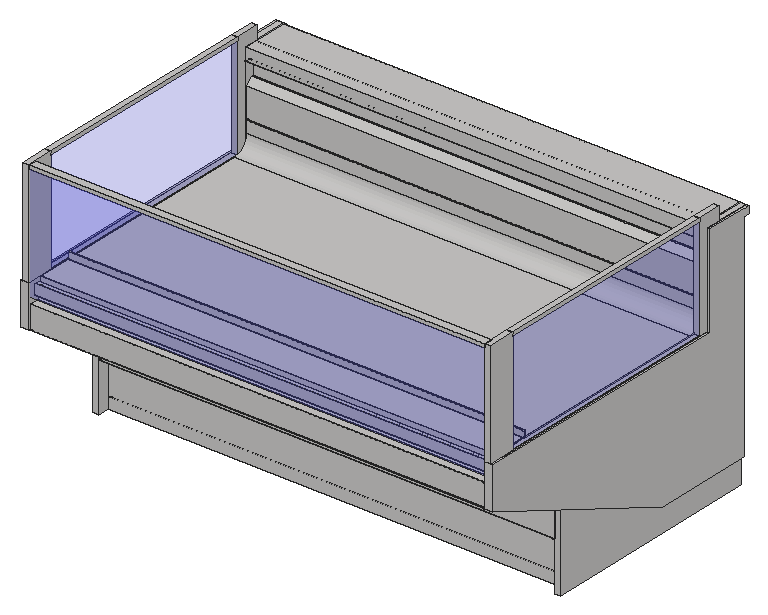
Revit family "QF_OSCARTEK_LA_CROSSE_SS_A1-1650_cat", category Specialty Equipment, Revit 2026
Family settings
  Round Connector Dimension = Use Diameter
  Part Type = Normal
  Work Plane-Based = No
  Enable Cutting in Views = No
  Always vertical = Yes
  Cut with Voids When Loaded = No
  Maintain Annotation Orientation = No
  Shared = No
  Room Calculation Point = No
Parameters
  Weight in Pounds = 528
  Watts = if(Phase = 3, Volts * FL Amps * 1.73, Volts * FL Amps)  # 2496 W
  Waste Water Discharge Temperature = -459.67 °F
  Volts = 208 V
  URL Cutsheet = ""
  Specification by User = ""
  Specification by Manufacturer = ""
  Show Panels [instance] = yes
  Serial Number = ""
  Seismic Rating = ""
  SMACNA No = ""
  Revision Code = ""
  Refrigerant Volume = 0.00 kip
  Refrigerant Type = "R404A"
  Phase = 1
  Number of Poles = 1
  NAFEM Spec ID Number = ""
  Model = "LA CROSSE SS A1-1650"
  Min Ckt Ampacity = 0 A
  Max Overcurrent Protection = 0 A
  Masterspec = ""
  Manufacturer = "OSCARTEK"
  Length = 67 5/16"
  Item Number = ""
  Installed By = ""
  Indirect Waste Size = 1/4"
  Indirect Waste Flow = 0 GPM
  Indirect Waste Connection Type = ""
  Indirect Waste Connection Height = 0"
  Identify Quantity as Lot = yes
  Height = 37 5/16"
  HP = ""
  Furnished By = ""
  Foodservice Equipment Identifier = yes
  FL Amps = 12 A
  Electrical Remarks = ""
  Electric Connection Type = ""
  Elec Conn RI Height = 0"
  Elec Conn Connection Height = 0"
  Description = "SELF SERVE SHOWCASE"
  Depth = 45 3/8"
  Default Elevation = 0"
  Cycle = 60 Hz
  Conn Plug = ""
  Conn Conduit = yes
  CSI MasterFormat = ""
  BTUH = 4600.0 Btu/h
  Apparent Power = if(Phase = 3, Volts * FL Amps * 1.73, Volts * FL Amps)  # 2496 VA
Reference planes (in)
  plane 1 "BACK": y = 0
  plane 2: z = 0
  plane 3 "LEFT": x = 0
  plane 4 "RIGHT": x = 67.3125
  plane 5 "FRONT": y = -45.375
  plane 6 "TOP": z = 37.3125
  plane 7 "Center Y": x = 33.65625
  plane 8 "Center X": y = -22.6875
  plane 9: x = 66.125
  plane 10: x = 1.1875
  plane 11: x = 0.375
  plane 12: x = 66.9375
Forms (in)
  Extrusion 1, solid, material "Glass", not visible
    sketch origin (46.25, 0, 0) x (0, -1, 0) y (0, 0, 1)
      loop
        line (16.37459, 33.625) -> (16.37459, 15.38219) -> (39.8125, 15.38219) -> (39.8125, 33.625) -> (16.37459, 33.625)
    from 0 to 2
  Extrusion 2, solid, material "QF_Metal - Stainless - Polished", not visible
    sketch origin (46.25, 0, 0) x (0, -1, 0) y (0, 0, 1)
      loop
        line (15.25, 14.38219) -> (40.8125, 14.38219) -> (40.8125, 34.625) -> (15.25, 34.625) -> (15.25, 14.38219)
      loop
        line (16.37459, 15.38219) -> (39.8125, 15.38219) -> (39.8125, 33.625) -> (16.37459, 33.625) -> (16.37459, 15.38219)
    from 0 to 2
  Extrusion 3, solid, material "QF_Metal - Stainless - Polished"
    sketch origin (1.1875, 0, -9.88605) x (0, 0, -1) y (0, 1, 0)
      loop
        line (-16.69706, -31.29915) -> (-9.88605, -31.29915) -> (-9.88605, -30.8809) -> (-16.69706, -30.8809) -> (-16.69706, -31.29915)
    from 0 to 64.9375
  Extrusion 4, solid, material "QF_Metal - Stainless - Polished"
    sketch origin (1.1875, 0, -9.88605) x (0, 0, -1) y (0, 1, 0)
      loop
        line (-17.21724, -32.31102) -> (-17.21724, -32.37352) -> (-16.88605, -32.37352) -> (-16.88605, -32.83907) -> (-21.02955, -32.83907) -> (-24.59506, -41.40464) -> (-25.02486, -41.22573) -> (-24.89758, -40.91997) -> (-24.95528, -40.89595) -> (-25.09296, -41.22671)
        arc (-25.09296, -41.22671) -> (-25.09301, -41.25382) -> (-25.07386, -41.27303) r 0.03543
        line (-25.07386, -41.27303) -> (-24.59408, -41.47275)
        arc (-24.59408, -41.47275) -> (-24.56697, -41.47279) -> (-24.54776, -41.45365) r 0.03543
        line (-24.54776, -41.45365) -> (-20.98787, -32.90157) -> (-16.85898, -32.90157)
        arc (-16.85898, -32.90157) -> (-16.83392, -32.8912) -> (-16.82355, -32.86614) r 0.03543
        line (-16.82355, -32.86614) -> (-16.82355, -32.34646)
        arc (-16.82355, -32.34646) -> (-16.83392, -32.3214) -> (-16.85898, -32.31102) r 0.03543
        line (-16.85898, -32.31102) -> (-17.21724, -32.31102)
    from 0 to 64.9375
  Extrusion 5, solid, material "QF_Metal - Stainless - Polished"
    sketch origin (1.1875, 0, -9.88605) x (0, 0, -1) y (0, 1, 0)
      loop
        line (-25.19813, -41.26395) -> (-24.74423, -40.17355) -> (-24.80194, -40.14953) -> (-25.27984, -41.29764) -> (-24.65822, -41.55639) -> (-26.13116, -45.09489) -> (-29.33047, -45.09489) -> (-29.33047, -43.83444) -> (-30.31472, -43.26619) -> (-30.31472, -41.91281) -> (-29.78667, -41.91281) -> (-29.78667, -41.85031) -> (-30.34179, -41.85031)
        arc (-30.34179, -41.85031) -> (-30.36685, -41.86069) -> (-30.37722, -41.88574) r 0.03543
        line (-30.37722, -41.88574) -> (-30.37722, -43.28182)
        arc (-30.37722, -43.28182) -> (-30.37248, -43.29953) -> (-30.35951, -43.3125) r 0.03543
        line (-30.35951, -43.3125) -> (-29.39297, -43.87053) -> (-29.39297, -45.12196)
        arc (-29.39297, -45.12196) -> (-29.3826, -45.14701) -> (-29.35754, -45.15739) r 0.03543
        line (-29.35754, -45.15739) -> (-26.1131, -45.15739)
        arc (-26.1131, -45.15739) -> (-26.09344, -45.15143) -> (-26.08039, -45.13557) r 0.03543
        line (-26.08039, -45.13557) -> (-24.59012, -41.55542)
        arc (-24.59012, -41.55542) -> (-24.59007, -41.5283) -> (-24.60922, -41.50909) r 0.03543
        line (-24.60922, -41.50909) -> (-25.19813, -41.26395)
    from 0 to 64.9375
  Extrusion 6, solid, material "QF_Metal - Stainless - Polished"
    sketch origin (1.1875, 0, -9.88605) x (0, 0, -1) y (0, 1, 0)
      loop
        line (-32.11163, -43.28408) -> (-31.71762, -43.28408) -> (-31.71762, -41.45661) -> (-25.40391, -41.45661) -> (-20.94947, -30.9626) -> (-25.19032, -0.7874) -> (-44.2959, -0.7874) -> (-44.2959, -0.57205) -> (-45.0833, -0.57205) -> (-45.28015, -0.7689) -> (-45.28015, -5.02086) -> (-44.84708, -5.02086) -> (-44.84708, -5.45392) -> (-45.28015, -5.45392) -> (-45.28015, -6.63503) -> (-45.0833, -6.83188) -> (-44.2959, -6.83188) -> (-44.2959, -2.28346) -> (-43.45067, -2.28346) -> (-43.45067, -3.1496) -> (-27.24356, -3.1496) -> (-24.31963, -23.95445) -> (-24.3928, -23.96473) -> (-24.3928, -24.75213) -> (-24.32686, -24.76257) -> (-26.65916, -39.48811) -> (-31.71762, -39.48811) -> (-31.71762, -39.54756) -> (-32.11163, -39.54756) -> (-32.11163, -43.28408)
    from 0 to 64.9375
  Extrusion 7, solid, material "QF_Metal - Stainless - Polished"
    sketch origin (1.1875, 0, -9.88605) x (0, 0, -1) y (0, 1, 0)
      loop
        line (-44.24201, -6.28542) -> (-43.56484, -6.28542)
        arc (-43.56484, -6.28542) -> (-43.53979, -6.27504) -> (-43.52941, -6.24999) r 0.03543
        line (-43.52941, -6.24999) -> (-43.52941, -5.61219)
        arc (-43.52941, -5.61219) -> (-43.53979, -5.58714) -> (-43.56484, -5.57676) r 0.03543
        line (-43.56484, -5.57676) -> (-43.92311, -5.57676) -> (-43.92311, -4.76967) -> (-43.56484, -4.76967)
        arc (-43.56484, -4.76967) -> (-43.53979, -4.7593) -> (-43.52941, -4.73424) r 0.03543
        line (-43.52941, -4.73424) -> (-43.52941, -2.38385)
        arc (-43.52941, -2.38385) -> (-43.53979, -2.3588) -> (-43.56484, -2.34842) r 0.03543
        line (-43.56484, -2.34842) -> (-44.242, -2.34842)
        arc (-44.242, -2.34842) -> (-44.26706, -2.3588) -> (-44.27744, -2.38385) r 0.03543
        line (-44.27744, -2.38385) -> (-44.27744, -6.24999)
        arc (-44.27744, -6.24999) -> (-44.26706, -6.27504) -> (-44.24201, -6.28542) r 0.03543
    from 0 to 45.2691
  Extrusion 8, solid, material "QF_Metal - Stainless - Polished"
    sketch origin (1.1875, 0, -9.88605) x (0, 0, -1) y (0, 1, 0)
      loop
        line (-44.19747, -0.66929) -> (-44.19747, -0.03937)
        arc (-44.19747, -0.03937) -> (-44.209, -0.01153) -> (-44.23684, 0) r 0.03937
        line (-44.23684, 0) -> (-45.28015, 0)
        arc (-45.28015, 0) -> (-45.30799, -0.01153) -> (-45.31952, -0.03937) r 0.03937
        line (-45.31952, -0.03937) -> (-45.31952, -6.83563)
        arc (-45.31952, -6.83563) -> (-45.30799, -6.86347) -> (-45.28015, -6.875) r 0.03937
        line (-45.28015, -6.875) -> (-43.54787, -6.875)
        arc (-43.54787, -6.875) -> (-43.52003, -6.86347) -> (-43.5085, -6.83563) r 0.03937
        line (-43.5085, -6.83563) -> (-43.5085, -6.36319)
        arc (-43.5085, -6.36319) -> (-43.52003, -6.33535) -> (-43.54787, -6.32382) r 0.03937
        line (-43.54787, -6.32382) -> (-43.82346, -6.32382) -> (-43.82346, -6.35532) -> (-43.53999, -6.35532) -> (-43.53999, -6.8435) -> (-45.28802, -6.8435) -> (-45.28802, -0.03149) -> (-44.22897, -0.03149) -> (-44.22897, -0.66929) -> (-44.19747, -0.66929)
    from 0 to 64.9375
  Extrusion 9, solid, material "QF_Metal - Stainless - Polished"
    sketch origin (1.1875, 0, -9.88605) x (0, 0, -1) y (0, 1, 0)
      loop
        line (-20.99826, -30.61547) -> (-20.84231, -30.59355) -> (-20.79847, -30.90545) -> (-11.97266, -30.90545) -> (-11.97266, -29.72435) -> (-20.96447, -29.72435) -> (-21.14367, -28.44928) -> (-21.29961, -28.47119) -> (-20.99826, -30.61547)
    from 0 to 64.9375
  Extrusion 10, solid, material "QF_Metal - Stainless - Polished"
    sketch origin (1.1875, 0, -9.88605) x (0, 0, -1) y (0, 1, 0)
      loop
        arc (-11.30336, -30.90545) -> (-11.21985, -30.87085) -> (-11.18525, -30.78734) r 0.11811
        line (-11.18525, -30.78734) -> (-11.18525, -29.44876)
        arc (-11.18525, -29.44876) -> (-11.21985, -29.36524) -> (-11.30336, -29.33065) r 0.11811
        line (-11.30336, -29.33065) -> (-11.85455, -29.33065)
        arc (-11.85455, -29.33065) -> (-11.93806, -29.36524) -> (-11.97266, -29.44876) r 0.11811
        line (-11.97266, -29.44876) -> (-11.97266, -30.78734)
        arc (-11.97266, -30.78734) -> (-11.93806, -30.87085) -> (-11.85455, -30.90545) r 0.11811
        line (-11.85455, -30.90545) -> (-11.30336, -30.90545)
      loop
        line (-11.85455, -30.82671) -> (-11.30336, -30.82671)
        arc (-11.30336, -30.82671) -> (-11.27553, -30.81518) -> (-11.26399, -30.78734) r 0.03937
        line (-11.26399, -30.78734) -> (-11.26399, -29.44876)
        arc (-11.26399, -29.44876) -> (-11.27553, -29.42092) -> (-11.30336, -29.40939) r 0.03937
        line (-11.30336, -29.40939) -> (-11.85455, -29.40939)
        arc (-11.85455, -29.40939) -> (-11.88238, -29.42092) -> (-11.89392, -29.44876) r 0.03937
        line (-11.89392, -29.44876) -> (-11.89392, -30.78734)
        arc (-11.89392, -30.78734) -> (-11.88238, -30.81518) -> (-11.85455, -30.82671) r 0.03937
    from 0 to 64.9375
  Extrusion 11, solid, material "QF_Metal - Stainless - Polished"
    sketch origin (1.1875, 0, -9.88605) x (0, 0, -1) y (0, 1, 0)
      loop
        line (-11.97266, -2.87401) -> (-11.97266, -4.21259)
        arc (-11.97266, -4.21259) -> (-11.93806, -4.29611) -> (-11.85455, -4.3307) r 0.11811
        line (-11.85455, -4.3307) -> (-11.30336, -4.3307)
        arc (-11.30336, -4.3307) -> (-11.21985, -4.29611) -> (-11.18525, -4.21259) r 0.11811
        line (-11.18525, -4.21259) -> (-11.18525, -2.87401)
        arc (-11.18525, -2.87401) -> (-11.21985, -2.79049) -> (-11.30336, -2.7559) r 0.11811
        line (-11.30336, -2.7559) -> (-11.85455, -2.7559)
        arc (-11.85455, -2.7559) -> (-11.93806, -2.79049) -> (-11.97266, -2.87401) r 0.11811
      loop
        arc (-11.85455, -2.83464) -> (-11.88238, -2.84617) -> (-11.89392, -2.87401) r 0.03937
        line (-11.89392, -2.87401) -> (-11.89392, -4.21259)
        arc (-11.89392, -4.21259) -> (-11.88238, -4.24043) -> (-11.85455, -4.25196) r 0.03937
        line (-11.85455, -4.25196) -> (-11.30336, -4.25196)
        arc (-11.30336, -4.25196) -> (-11.27553, -4.24043) -> (-11.26399, -4.21259) r 0.03937
        line (-11.26399, -4.21259) -> (-11.26399, -2.87401)
        arc (-11.26399, -2.87401) -> (-11.27553, -2.84617) -> (-11.30336, -2.83464) r 0.03937
        line (-11.30336, -2.83464) -> (-11.85455, -2.83464)
    from 0 to 64.9375
  Extrusion 12, solid, material "QF_Metal - Stainless - Polished"
    sketch origin (1.1875, 0, -9.88605) x (0, 0, -1) y (0, 1, 0)
      loop
        line (-11.18525, -29.33065) -> (-11.18525, -4.3307) -> (-11.97266, -4.3307) -> (-11.97266, -29.33065) -> (-11.18525, -29.33065)
    from 0 to 64.9375
  Extrusion 13, solid, material "QF_Metal - Stainless - Polished"
    sketch origin (1.1875, 0, -9.88605) x (0, 0, -1) y (0, 1, 0)
      loop
        arc (-15.51532, -2.7244) -> (-15.54316, -2.73594) -> (-15.55469, -2.76377) r 0.03937
        arc (-15.55469, -2.76377) -> (-15.56622, -2.73593) -> (-15.59406, -2.7244) r 0.03937
        line (-15.59406, -2.7244) -> (-24.79442, -2.7244)
        arc (-24.79442, -2.7244) -> (-24.82413, -2.73794) -> (-24.83341, -2.76925) r 0.03937
        line (-24.83341, -2.76925) -> (-24.76148, -3.28106)
        arc (-24.76148, -3.28106) -> (-24.74832, -3.3053) -> (-24.72249, -3.31495) r 0.03937
        line (-24.72249, -3.31495) -> (-24.48112, -3.31495) -> (-24.48112, -3.28346) -> (-24.72933, -3.28346) -> (-24.80348, -2.7559) -> (-15.58618, -2.7559) -> (-15.58618, -2.99999) -> (-15.52319, -2.99999) -> (-15.52319, -2.7559) -> (-11.30273, -2.7559) -> (-11.30273, -2.7244) -> (-15.51532, -2.7244)
    from 0 to 64.9375
  Revolve 14, solid, material "QF_Metal - Stainless - Polished"
    sketch origin (2.35236, 0, 0) x (0, 1, 0) y (0, 0, 1)
      loop
        line (-4.2509, 0) -> (-3.5433, 0) -> (-3.5433, 1.9685) -> (-3.70078, 1.9685) -> (-3.74015, 1.92913) -> (-3.74015, 1.88994) -> (-3.77952, 1.85057) -> (-3.77952, 1.46006)
        spline (-3.77952, 1.46006) -> (-3.7976, 1.45866) -> (-3.81444, 1.45456) -> (-3.8289, 1.44803) -> (-3.84, 1.43953) -> (-3.84698, 1.42963) -> (-3.84936, 1.419) -> (-3.84698, 1.40838) -> (-3.84, 1.39848) -> (-3.8289, 1.38997) -> (-3.81444, 1.38345) -> (-3.7976, 1.37935) -> (-3.77952, 1.37795)
        line (-3.77952, 1.37795) -> (-3.81889, 1.37795) -> (-3.81889, 1.26771) -> (-3.74015, 1.26771) -> (-3.74015, 0.39417) -> (-3.91731, 0.39417) -> (-3.91731, 0.22651) -> (-4.46974, 0.22651) -> (-4.51771, 0.11858) -> (-4.2509, 0)
      axis (-3.5433, 0) -> (-3.5433, 1.9685)
    angle from 0 to 360
  Revolve 15, solid, material "QF_Metal - Stainless - Polished"
    sketch origin (64.94104, 0, 0) x (0, 1, 0) y (0, 0, -1)
      loop
        line (-4.2509, 0) -> (-4.51771, -0.11858) -> (-4.46974, -0.22651) -> (-3.91731, -0.22651) -> (-3.91731, -0.39417) -> (-3.74015, -0.39417) -> (-3.74015, -1.26771) -> (-3.81889, -1.26771) -> (-3.81889, -1.37795) -> (-3.77952, -1.37795)
        spline (-3.77952, -1.37795) -> (-3.7976, -1.37935) -> (-3.81444, -1.38345) -> (-3.8289, -1.38997) -> (-3.84, -1.39848) -> (-3.84698, -1.40838) -> (-3.84936, -1.419) -> (-3.84698, -1.42963) -> (-3.84, -1.43953) -> (-3.8289, -1.44803) -> (-3.81444, -1.45456) -> (-3.7976, -1.45866) -> (-3.77952, -1.46006)
        line (-3.77952, -1.46006) -> (-3.77952, -1.85057) -> (-3.74015, -1.88994) -> (-3.74015, -1.92913) -> (-3.70078, -1.9685) -> (-3.5433, -1.9685) -> (-3.5433, 0) -> (-4.2509, 0)
      axis (-3.5433, 0) -> (-3.5433, -1.9685)
    angle from 0 to 360
  Revolve 16, solid, material "QF_Metal - Stainless - Polished"
    sketch origin (2.35236, -26.57475, 0) x (0, 1, 0) y (0, 0, 1)
      loop
        line (-4.2509, 0) -> (-3.5433, 0) -> (-3.5433, 1.9685) -> (-3.70078, 1.9685) -> (-3.74015, 1.92913) -> (-3.74015, 1.88994) -> (-3.77952, 1.85057) -> (-3.77952, 1.46006)
        spline (-3.77952, 1.46006) -> (-3.7976, 1.45866) -> (-3.81444, 1.45456) -> (-3.8289, 1.44803) -> (-3.84, 1.43953) -> (-3.84698, 1.42963) -> (-3.84936, 1.419) -> (-3.84698, 1.40838) -> (-3.84, 1.39848) -> (-3.8289, 1.38997) -> (-3.81444, 1.38345) -> (-3.7976, 1.37935) -> (-3.77952, 1.37795)
        line (-3.77952, 1.37795) -> (-3.81889, 1.37795) -> (-3.81889, 1.26771) -> (-3.74015, 1.26771) -> (-3.74015, 0.39417) -> (-3.91731, 0.39417) -> (-3.91731, 0.22651) -> (-4.46974, 0.22651) -> (-4.51771, 0.11858) -> (-4.2509, 0)
      axis (-3.5433, 0) -> (-3.5433, 1.9685)
    angle from 0 to 360
  Revolve 17, solid, material "QF_Metal - Stainless - Polished"
    sketch origin (64.94104, -26.57475, 0) x (0, 1, 0) y (0, 0, -1)
      loop
        line (-4.2509, 0) -> (-4.51771, -0.11858) -> (-4.46974, -0.22651) -> (-3.91731, -0.22651) -> (-3.91731, -0.39417) -> (-3.74015, -0.39417) -> (-3.74015, -1.26771) -> (-3.81889, -1.26771) -> (-3.81889, -1.37795) -> (-3.77952, -1.37795)
        spline (-3.77952, -1.37795) -> (-3.7976, -1.37935) -> (-3.81444, -1.38345) -> (-3.8289, -1.38997) -> (-3.84, -1.39848) -> (-3.84698, -1.40838) -> (-3.84936, -1.419) -> (-3.84698, -1.42963) -> (-3.84, -1.43953) -> (-3.8289, -1.44803) -> (-3.81444, -1.45456) -> (-3.7976, -1.45866) -> (-3.77952, -1.46006)
        line (-3.77952, -1.46006) -> (-3.77952, -1.85057) -> (-3.74015, -1.88994) -> (-3.74015, -1.92913) -> (-3.70078, -1.9685) -> (-3.5433, -1.9685) -> (-3.5433, 0) -> (-4.2509, 0)
      axis (-3.5433, 0) -> (-3.5433, -1.9685)
    angle from 0 to 360
  Extrusion 18, solid, material "QF_Metal - Stainless - Polished"
    sketch origin (1.1875, 0, -9.88605) x (0, 0, -1) y (0, 1, 0)
      loop
        line (-24.75464, -2.7559) -> (-24.7108, -3.06779) -> (-24.86675, -3.08971) -> (-24.56539, -5.23399) -> (-24.40944, -5.21207) -> (-24.58864, -3.937) -> (-11.97266, -3.937) -> (-11.97266, -2.7559) -> (-24.75464, -2.7559)
    from 0 to 64.9375
  Sweep 19, solid, material "QF_Metal - Stainless - Polished"
    path origin (0, 0, 0) x (1, 0, 0) y (0, 1, 0)
      loop
        line (66.125, -43.28408) -> (1.1875, -43.28408)
    profile origin (33.65625, -43.28408, 0) x (0, -1, 0) y (0, 0, 1)
      loop
        line (-1.78771, 20.50087) -> (0.00363, 20.50087)
        arc (0.00363, 20.50087) -> (0.02868, 20.51125) -> (0.03906, 20.5363) r 0.03543
        line (0.03906, 20.5363) -> (0.03906, 22.22921)
        arc (0.03906, 22.22921) -> (0.02868, 22.25427) -> (0.00363, 22.26464) r 0.03543
        line (0.00363, 22.26464) -> (-4.8625, 22.26464)
        arc (-4.8625, 22.26464) -> (-4.88756, 22.25427) -> (-4.89794, 22.22921) r 0.03543
        line (-4.89794, 22.22921) -> (-4.89794, 21.17404) -> (-5.45305, 21.17404)
        arc (-5.45305, 21.17404) -> (-5.47811, 21.16366) -> (-5.48849, 21.13861) r 0.03543
        line (-5.48849, 21.13861) -> (-5.48849, 20.17247)
        arc (-5.48849, 20.17247) -> (-5.47077, 20.14178) -> (-5.43534, 20.14178) r 0.03543
        line (-5.43534, 20.14178) -> (-5.19667, 20.27958) -> (-5.2162, 20.31341) -> (-5.44942, 20.17875) -> (-5.44942, 21.13498) -> (-4.85887, 21.13498) -> (-4.85887, 22.22558) -> (0, 22.22558) -> (0, 20.53993) -> (-1.82747, 20.53993) -> (-1.82747, 19.91032) -> (-1.78771, 19.91032) -> (-1.78771, 20.50087)
  Extrusion 20, solid, material "QF_Metal - Stainless - Polished"
    sketch origin (6.08544, -38.38614, 21.17404) x (0, 1, 0) y (0, 0, 1)
      loop
        line (0.16533, 1.10236) -> (0.16533, 1.9685)
        arc (0.16533, 1.9685) -> (0.12202, 2.01181) -> (0.07871, 1.9685) r 0.04331
        line (0.07871, 1.9685) -> (0.07871, 0.08661)
        arc (0.07871, 0.08661) -> (0.09255, 0.05321) -> (0.12596, 0.03937) r 0.04724
        line (0.12596, 0.03937) -> (0.55903, 0.03937) -> (0.55903, 0.0784) -> (0.95666, 0.0784)
        arc (0.95666, 0.0784) -> (2.33677, -0.32975) -> (3.27388, -1.42204) r 2.54132
        line (3.27388, -1.42204) -> (3.98638, -5.08751) -> (4.05208, -5.07474)
        arc (4.05208, -5.07474) -> (4.1218, -5.0954) -> (4.14487, -5.16435) r 0.07874
        line (4.14487, -5.16435) -> (4.13443, -5.23029) -> (13.62357, -6.73322) -> (13.63401, -6.66729) -> (14.42141, -6.66729) -> (14.4317, -6.74045) -> (30.06925, -4.54274) -> (30.05993, -4.47646)
        arc (30.05993, -4.47646) -> (30.08573, -4.40653) -> (30.15829, -4.38944) r 0.07874
        line (30.15829, -4.38944) -> (30.22294, -4.40677) -> (31.64243, 0.89087) -> (31.57778, 0.90819)
        arc (31.57778, 0.90819) -> (31.5357, 0.93632) -> (31.51942, 0.98425) r 0.07874
        line (31.51942, 0.98425) -> (31.51942, 1.06299) -> (29.54322, 1.06299) -> (29.54322, 1.10236) -> (0.16533, 1.10236)
    from -4.89794 to 60.03956
  Extrusion 21, solid, material "QF_Metal - Stainless - Polished"
    sketch origin (3.05902, -41.39755, 37.0625) x (0, 0, -1) y (0, -1, 0)
      loop
        arc (5.78147, -35.81095) -> (5.79185, -35.83601) -> (5.8169, -35.84639) r 0.03543
        line (5.8169, -35.84639) -> (3.22229, -35.84639) -> (3.22229, -36.63379) -> (10.27188, -36.63379) -> (10.27188, -35.21528) -> (10.86243, -35.21528) -> (10.86243, -34.70072)
        arc (10.86243, -34.70072) -> (10.85205, -34.67566) -> (10.827, -34.66528) r 0.03543
        line (10.827, -34.66528) -> (6.68698, -34.66528) -> (5.78147, -35.57079) -> (5.78147, -35.81095)
      loop
        line (12.65225, -34.68848) -> (10.96721, -34.68848)
        arc (10.96721, -34.68848) -> (10.9338, -34.70232) -> (10.91997, -34.73573) r 0.04724
        line (10.91997, -34.73573) -> (10.91997, -35.27903) -> (10.52627, -35.27903) -> (10.52627, -35.3184) -> (10.91209, -35.3184)
        arc (10.91209, -35.3184) -> (10.9455, -35.30456) -> (10.95934, -35.27116) r 0.04724
        line (10.95934, -35.27116) -> (10.95934, -34.72785) -> (12.65225, -34.72785)
        arc (12.65225, -34.72785) -> (14.18895, -34.09133) -> (14.82547, -32.55463) r 2.17322
        line (14.82547, -32.55463) -> (14.7861, -32.55463)
        arc (14.7861, -32.55463) -> (14.16111, -34.06349) -> (12.65225, -34.68848) r 2.13385
    from 1.87152 to -63.06598
  Extrusion 22, solid, material "QF_Metal - Stainless - Polished"
    sketch origin (47.03125, 0, 0) x (0, 1, 0) y (0, 0, -1)
      loop
        line (-8.23817, -37.3125) -> (-4.73817, -37.3125) -> (-4.73817, -35.43347) -> (-6.90274, -35.43347) -> (-6.90274, -22.26464) -> (-8.23817, -22.26464) -> (-8.23817, -37.3125)
    from -19.90625 to -19.09375
  Extrusion 23, solid, material "QF_Metal - Stainless - Polished"
    sketch origin (66.71875, 0, 0) x (0, 1, 0) y (0, 0, -1)
      loop
        line (-45.375, -22.26464) -> (-45.375, -37.3125) -> (-41.39755, -37.3125) -> (-41.39755, -22.26464) -> (-45.375, -22.26464)
    from -0.21875 to 0.59375
  Extrusion 24, solid, material "QF_Metal - Stainless - Polished"
    sketch origin (1.1875, 0, 0) x (0, 1, 0) y (0, 0, 1)
      loop
        line (-45.375, 37.3125) -> (-45.375, 36.8125) -> (-44.2066, 36.8125) -> (-44.2066, 37.3125) -> (-45.375, 37.3125)
    from 0 to 64.9375
  Extrusion 25, solid, material "QF_Metal - Stainless - Polished"
    sketch origin (47.03125, -8.23817, 36.8125) x (0, 0, 1) y (-1, 0, 0)
      loop
        line (0.5, -19.90625) -> (0.5, -19.09375) -> (0, -19.09375) -> (0, -19.90625) -> (0.5, -19.90625)
    from 0 to 33.15938
  Extrusion 26, solid, material "Glass"
    sketch origin (1.1875, 0, 0) x (0, 1, 0) y (0, 0, 1)
      loop
        line (-45.17731, 36.8125) -> (-45.17731, 20.24077) -> (-44.38967, 20.24077) -> (-44.38967, 36.8125) -> (-45.17731, 36.8125)
    from 0 to 64.9375
  Extrusion 27, solid, material "QF_Metal - Stainless - Polished"
    sketch origin (1.1875, -2.7244, 5.62927) x (0, 0, -1) y (-1, 0, 0)
      loop
        arc (2.62251, -7.46066) -> (2.1107, -7.12941) -> (1.59889, -7.46066) r 0.56102
        line (1.59889, -7.46066) -> (1.59889, -7.92021)
        arc (1.59889, -7.92021) -> (2.1107, -8.25146) -> (2.62251, -7.92021) r 0.56102
        line (2.62251, -7.92021) -> (2.62251, -7.46066)
    from 0 to 0.25
  Extrusion 28, solid, material "QF_Metal - Stainless - Polished"
    sketch origin (1.1875, -2.7244, 5.62927) x (0, 0, -1) y (-1, 0, 0)
      loop
        circle (-8.06963, -15.73176) r 0.19685
      loop
        circle (-8.06963, -14.96404) r 0.19685
      loop
        circle (-1.19197, -15.73176) r 0.19685
      loop
        circle (-1.19197, -14.96404) r 0.19685
      loop
        circle (2.16582, -15.3479) r 0.19685
      loop
        circle (2.16582, -0.44636) r 0.19685
      loop
        circle (-1.19197, -0.44636) r 0.19685
      loop
        circle (-8.06963, -0.44636) r 0.19685
      loop
        line (-6.20687, -7.8991) -> (-7.11657, -7.8991) -> (-7.11657, -9.98177) -> (-6.20687, -9.98177) -> (-6.20687, -7.8991)
      loop
        line (-6.72073, -7.75736) -> (-6.72073, -7.22981) -> (-7.11657, -7.22981) -> (-7.11657, -7.75736) -> (-6.72073, -7.75736)
      loop
        line (-6.20691, -7.75736) -> (-6.20691, -7.22981) -> (-6.60274, -7.22981) -> (-6.60274, -7.75736) -> (-6.20691, -7.75736)
      loop
        line (-6.20691, -7.14713) -> (-6.20691, -6.61957) -> (-6.60274, -6.61957) -> (-6.60274, -7.14713) -> (-6.20691, -7.14713)
      loop
        line (-6.72073, -7.14713) -> (-6.72073, -6.61957) -> (-7.11657, -6.61957) -> (-7.11657, -7.14713) -> (-6.72073, -7.14713)
      loop
        line (-6.72073, -6.53689) -> (-6.72073, -6.00934) -> (-7.11657, -6.00934) -> (-7.11657, -6.53689) -> (-6.72073, -6.53689)
      loop
        line (-6.72073, -5.92666) -> (-6.72073, -5.3991) -> (-7.11657, -5.3991) -> (-7.11657, -5.92666) -> (-6.72073, -5.92666)
      loop
        line (-6.20691, -5.92666) -> (-6.20691, -5.3991) -> (-6.60274, -5.3991) -> (-6.60274, -5.92666) -> (-6.20691, -5.92666)
      loop
        line (-6.20691, -6.53689) -> (-6.20691, -6.00934) -> (-6.60274, -6.00934) -> (-6.60274, -6.53689) -> (-6.20691, -6.53689)
      loop
        circle (-8.06963, -64.48475) r 0.19685
      loop
        circle (-1.19197, -64.48475) r 0.19685
      loop
        circle (2.16582, -64.48475) r 0.19685
    from 0 to 0.125
  Extrusion 29, solid, material "QF_Metal - Stainless - Polished"
    sketch origin (66.125, 0, -4.60717) x (0, 0, -1) y (0, 1, 0)
      loop
        line (-24.07867, -45.15739) -> (-20.8106, -45.15739) -> (-15.709, -32.90157) -> (-4.60717, -32.90157) -> (-4.60717, -0.7874) -> (-38.9186, -0.7874) -> (-38.9186, 0) -> (-40.04065, 0) -> (-40.04065, -6.90274) -> (-26.87182, -6.90274) -> (-26.87182, -43.32314) -> (-25.06221, -43.32314) -> (-24.1141, -43.87053) -> (-24.1141, -45.12196)
        arc (-24.1141, -45.12196) -> (-24.10373, -45.14701) -> (-24.07867, -45.15739) r 0.03543
    from 0 to 0.8125
  Extrusion 30, solid, material "Glass"
    sketch origin (47.03125, -8.23817, 36.8125) x (0, 0, 1) y (-1, 0, 0)
      loop
        line (-14.54786, -19.90625) -> (0, -19.90625) -> (0, -19.09375) -> (-14.54786, -19.09375) -> (-14.54786, -19.90625)
    from 0 to 33.15938
  Revolve 31, solid, material "QF_Metal - Stainless - Polished"
    sketch origin (2.35236, 0, 0) x (0, 1, 0) y (0, 0, 1)
      loop
        line (-4.2509, 0) -> (-3.5433, 0) -> (-3.5433, 1.9685) -> (-3.70078, 1.9685) -> (-3.74015, 1.92913) -> (-3.74015, 1.88994) -> (-3.77952, 1.85057) -> (-3.77952, 1.46006)
        spline (-3.77952, 1.46006) -> (-3.7976, 1.45866) -> (-3.81444, 1.45456) -> (-3.8289, 1.44803) -> (-3.84, 1.43953) -> (-3.84698, 1.42963) -> (-3.84936, 1.419) -> (-3.84698, 1.40838) -> (-3.84, 1.39848) -> (-3.8289, 1.38997) -> (-3.81444, 1.38345) -> (-3.7976, 1.37935) -> (-3.77952, 1.37795)
        line (-3.77952, 1.37795) -> (-3.81889, 1.37795) -> (-3.81889, 1.26771) -> (-3.74015, 1.26771) -> (-3.74015, 0.39417) -> (-3.91731, 0.39417) -> (-3.91731, 0.22651) -> (-4.46974, 0.22651) -> (-4.51771, 0.11858) -> (-4.2509, 0)
      axis (-3.5433, 0) -> (-3.5433, 1.9685)
    angle from 0 to 360
  Extrusion 32, solid, material "QF_Metal - Stainless - Polished"
    sketch origin (0.59375, 0, 0) x (0, 1, 0) y (0, 0, 1)
      loop
        line (-8.23817, 37.3125) -> (-8.23817, 22.26464) -> (-6.90274, 22.26464) -> (-6.90274, 35.43347) -> (-4.73817, 35.43347) -> (-4.73817, 37.3125) -> (-8.23817, 37.3125)
    from -0.21875 to 0.59375
  Extrusion 33, solid, material "QF_Metal - Stainless - Polished"
    sketch origin (0.59375, 0, 0) x (0, 1, 0) y (0, 0, 1)
      loop
        line (-45.375, 22.26464) -> (-41.39755, 22.26464) -> (-41.39755, 37.3125) -> (-45.375, 37.3125) -> (-45.375, 22.26464)
    from -0.21875 to 0.59375
  Extrusion 34, solid, material "QF_Metal - Stainless - Polished"
    sketch origin (0.59375, -8.23817, 36.8125) x (0, 0, 1) y (-1, 0, 0)
      loop
        line (0.5, 0.21875) -> (0, 0.21875) -> (0, -0.59375) -> (0.5, -0.59375) -> (0.5, 0.21875)
    from 0 to 33.15938
  Extrusion 35, solid, material "QF_Metal - Stainless - Polished"
    sketch origin (1.1875, 0, -4.60717) x (0, 0, -1) y (0, -1, 0)
      loop
        arc (-24.07867, 45.15739) -> (-24.10373, 45.14701) -> (-24.1141, 45.12196) r 0.03543
        line (-24.1141, 45.12196) -> (-24.1141, 43.87053) -> (-25.06221, 43.32314) -> (-26.87182, 43.32314) -> (-26.87182, 6.90274) -> (-40.04065, 6.90274) -> (-40.04065, 0) -> (-38.9186, 0) -> (-38.9186, 0.7874) -> (-4.60717, 0.7874) -> (-4.60717, 32.90157) -> (-15.709, 32.90157) -> (-20.8106, 45.15739) -> (-24.07867, 45.15739)
    from 0 to 0.8125
  Extrusion 36, solid, material "Glass"
    sketch origin (0.59375, -8.23817, 36.8125) x (0, 0, 1) y (-1, 0, 0)
      loop
        line (-14.54786, 0.21875) -> (-14.54786, -0.59375) -> (0, -0.59375) -> (0, 0.21875) -> (-14.54786, 0.21875)
    from 0 to 33.15938
  Extrusion 37, solid, material "QF_Metal - Stainless - Polished", visible <- "Show Panels"
    sketch origin (66.125, 0, 0) x (0, 1, 0) y (0, 0, -1)
      loop
        line (0, -35.43347) -> (0, -34.31143) -> (-0.7874, -34.31143) -> (-0.7874, -3.71495) -> (-15.15576, -3.71495) -> (-45.375, -16.29401) -> (-45.375, -22.26464) -> (-6.90274, -22.26464) -> (-6.90274, -35.43347) -> (0, -35.43347)
    from 0 to -1.1875
  Extrusion 38, solid, material "QF_Metal - Stainless - Polished", visible <- "Show Panels"
    sketch origin (1.1875, 0, 0) x (0, 1, 0) y (0, 0, 1)
      loop
        line (0, 35.43347) -> (-6.90274, 35.43347) -> (-6.90274, 22.26464) -> (-45.375, 22.26464) -> (-45.375, 16.29401) -> (-15.15576, 3.71495) -> (-0.7874, 3.71495) -> (-0.7874, 34.31143) -> (0, 34.31143) -> (0, 35.43347)
    from 0 to -1.1875
  Extrusion 39, solid, material "QF_Metal - Stainless - Polished"
    sketch origin (1.1875, 0, 0) x (0, 1, 0) y (0, 0, 1)
      loop
        line (-44.36999, 21.77207) -> (-44.36999, 20.25633) -> (-43.77944, 20.25633) -> (-43.77944, 20.65003) -> (-43.50385, 20.65003)
        arc (-43.50385, 20.65003) -> (-43.28701, 20.9453) -> (-43.50385, 21.24058) r 0.30946
        line (-43.50385, 21.24058) -> (-43.77944, 21.24058) -> (-43.77944, 21.77207) -> (-44.36999, 21.77207)
      loop
        line (-44.30749, 21.70957) -> (-44.30749, 20.31883) -> (-43.84194, 20.31883) -> (-43.84194, 21.70957) -> (-44.30749, 21.70957)
      loop
        line (-43.77944, 20.71253) -> (-43.51398, 20.71253)
        arc (-43.51398, 20.71253) -> (-43.34951, 20.9453) -> (-43.51398, 21.17808) r 0.24696
        line (-43.51398, 21.17808) -> (-43.77944, 21.17808) -> (-43.77944, 20.71253)
    from 0 to 64.9375
  Revolve 40, solid, material "QF_Metal - Stainless - Polished"
    sketch origin (33.65625, 0, 0) x (0, 1, 0) y (0, 0, -1)
      loop
        line (-4.2509, 0) -> (-4.51771, -0.11858) -> (-4.46974, -0.22651) -> (-3.91731, -0.22651) -> (-3.91731, -0.39417) -> (-3.74015, -0.39417) -> (-3.74015, -1.26771) -> (-3.81889, -1.26771) -> (-3.81889, -1.37795) -> (-3.77952, -1.37795)
        spline (-3.77952, -1.37795) -> (-3.7976, -1.37935) -> (-3.81444, -1.38345) -> (-3.8289, -1.38997) -> (-3.84, -1.39848) -> (-3.84698, -1.40838) -> (-3.84936, -1.419) -> (-3.84698, -1.42963) -> (-3.84, -1.43953) -> (-3.8289, -1.44803) -> (-3.81444, -1.45456) -> (-3.7976, -1.45866) -> (-3.77952, -1.46006)
        line (-3.77952, -1.46006) -> (-3.77952, -1.85057) -> (-3.74015, -1.88994) -> (-3.74015, -1.92913) -> (-3.70078, -1.9685) -> (-3.5433, -1.9685) -> (-3.5433, 0) -> (-4.2509, 0)
      axis (-3.5433, 0) -> (-3.5433, -1.9685)
    angle from 0 to 360
  Revolve 41, solid, material "QF_Metal - Stainless - Polished"
    sketch origin (33.65625, -26.57475, 0) x (0, 1, 0) y (0, 0, -1)
      loop
        line (-4.2509, 0) -> (-4.51771, -0.11858) -> (-4.46974, -0.22651) -> (-3.91731, -0.22651) -> (-3.91731, -0.39417) -> (-3.74015, -0.39417) -> (-3.74015, -1.26771) -> (-3.81889, -1.26771) -> (-3.81889, -1.37795) -> (-3.77952, -1.37795)
        spline (-3.77952, -1.37795) -> (-3.7976, -1.37935) -> (-3.81444, -1.38345) -> (-3.8289, -1.38997) -> (-3.84, -1.39848) -> (-3.84698, -1.40838) -> (-3.84936, -1.419) -> (-3.84698, -1.42963) -> (-3.84, -1.43953) -> (-3.8289, -1.44803) -> (-3.81444, -1.45456) -> (-3.7976, -1.45866) -> (-3.77952, -1.46006)
        line (-3.77952, -1.46006) -> (-3.77952, -1.85057) -> (-3.74015, -1.88994) -> (-3.74015, -1.92913) -> (-3.70078, -1.9685) -> (-3.5433, -1.9685) -> (-3.5433, 0) -> (-4.2509, 0)
      axis (-3.5433, 0) -> (-3.5433, -1.9685)
    angle from 0 to 360
  Extrusion 42, solid, material "QF_Metal - Stainless - Polished"
    sketch origin (1.1875, -4.3307, 1.29921) x (-1, 0, 0) y (0, 1, 0)
      loop
        circle (-4.3125, -2.8568) r 0.5
      loop
        circle (-4.9375, -19.9193) r 0.5
      loop
        circle (-60.625, -2.8568) r 0.5
      loop
        circle (-60, -19.9193) r 0.5
    from 0 to 0.125
Cuts and joins
  joined: Extrusion 6, Extrusion 8
  joined: Extrusion 20, Extrusion 21
Lines and regions (in)
  Split face 1
    outline origin (1.1875, -2.7244, 5.62927) x (0, 0, -1) y (-1, 0, 0)
      loop
        arc (0, -64.62845) -> (0.07322, -64.80522) -> (0.25, -64.87845) r 0.25
        line (0.25, -64.87845) -> (3.96259, -64.87845)
        arc (3.96259, -64.87845) -> (4.13937, -64.80522) -> (4.21259, -64.62845) r 0.25
        line (4.21259, -64.62845) -> (4.21259, -0.30266)
        arc (4.21259, -0.30266) -> (4.13937, -0.12588) -> (3.96259, -0.05266) r 0.25
        line (3.96259, -0.05266) -> (0.25, -0.05266)
        arc (0.25, -0.05266) -> (0.07322, -0.12588) -> (0, -0.30266) r 0.25
        line (0, -0.30266) -> (0, -64.62845)
  Split face 2
    outline origin (1.1875, -2.7244, 14.90837) x (0, 0, -1) y (-1, 0, 0)
      loop
        line (0.0674, -0.30265) -> (0.0674, -15.07821)
        arc (0.0674, -15.07821) -> (0.14062, -15.25499) -> (0.3174, -15.32821) r 0.25
        line (0.3174, -15.32821) -> (8.93902, -15.32821)
        arc (8.93902, -15.32821) -> (9.1158, -15.25499) -> (9.18902, -15.07821) r 0.25
        line (9.18902, -15.07821) -> (9.18902, -0.30265)
        arc (9.18902, -0.30265) -> (9.1158, -0.12588) -> (8.93902, -0.05265) r 0.25
        line (8.93902, -0.05265) -> (0.3174, -0.05265)
        arc (0.3174, -0.05265) -> (0.14062, -0.12588) -> (0.0674, -0.30265) r 0.25
  Split face 3
    outline origin (1.1875, -2.7244, 14.90837) x (0, 0, -1) y (-1, 0, 0)
      loop
        line (0.0674, -15.61759) -> (0.0674, -64.62845)
        arc (0.0674, -64.62845) -> (0.14062, -64.80522) -> (0.3174, -64.87845) r 0.25
        line (0.3174, -64.87845) -> (8.93902, -64.87845)
        arc (8.93902, -64.87845) -> (9.1158, -64.80522) -> (9.18902, -64.62844) r 0.25
        line (9.18902, -64.62844) -> (9.18902, -15.61759)
        arc (9.18902, -15.61759) -> (9.1158, -15.44081) -> (8.93902, -15.36759) r 0.25
        line (8.93902, -15.36759) -> (0.3174, -15.36759)
        arc (0.3174, -15.36759) -> (0.14062, -15.44081) -> (0.0674, -15.61759) r 0.25
  Split face 4
    outline origin (66.125, -8.84292, 22.2764) x (-1, 0, 0) y (0, -1, 0)
      loop
        line (61.9375, 29.37789) -> (61.9375, -0.00071) -> (3, -0.00071) -> (3, 29.37789)
  symbolic lines
    curve 1: line (1.1875, -45.375, 0) -> (66.125, -45.375, 0)
    curve 2: line (66.125, -44.2066, 0) -> (1.1875, -44.2066, 0)
    curve 3: line (66.125, -43.77944, 0) -> (1.1875, -43.77944, 0)
    curve 4: line (1.1875, -43.50385, 0) -> (66.125, -43.50385, 0)
    curve 5: line (66.125, -43.28408, 0) -> (1.1875, -43.28408, 0)
    curve 6: line (66.125, -6.88988, 0) -> (1.14844, -6.88988, 0)
    curve 7: line (1.1875, -6.28542, 0) -> (66.1441, -6.28542, 0)
    curve 8: line (66.125, 0, 0) -> (1.1875, 0, 0)
    curve 9: line (66.125, 0, 0) -> (66.125, -45.375, 0)
    curve 10: line (66.125, -45.375, 0) -> (66.9375, -45.375, 0)
    curve 11: line (66.9375, -45.375, 0) -> (66.9375, -4.73817, 0)
    curve 12: line (66.9375, -4.73817, 0) -> (66.125, -4.73817, 0)
    curve 13: line (1.1875, 0, 0) -> (1.1875, -45.375, 0)
    curve 14: line (1.1875, -45.375, 0) -> (0.375, -45.375, 0)
    curve 15: line (0.375, -45.375, 0) -> (0.375, -4.73817, 0)
    curve 16: line (0.375, -4.73817, 0) -> (1.1875, -4.73817, 0)
    curve 17: line (66.125, -41.39755, 0) -> (66.9375, -41.39755, 0)
    curve 18: line (1.1875, -41.39755, 0) -> (0.375, -41.39755, 0)
    curve 25: line (66.125, -38.22082, 0) -> (1.1875, -38.22082, 0)
    curve 26: line (4.1875, -38.22082, 0) -> (4.1875, -8.84221, 0)
    curve 27: line (63.125, -38.22082, 0) -> (63.125, -8.84221, 0)
    curve 28: line (1.1875, -8.84221, 0) -> (66.125, -8.84221, 0)
  symbolic lines, visible <- "Show Panels"
    curve 19: line (1.1875, 0, 0) -> (0, 0, 0)
    curve 20: line (0, 0, 0) -> (0, -45.375, 0)
    curve 21: line (0, -45.375, 0) -> (0.375, -45.375, 0)
    curve 22: line (66.125, 0, 0) -> (67.3125, 0, 0)
    curve 23: line (67.3125, 0, 0) -> (67.3125, -45.375, 0)
    curve 24: line (67.3125, -45.375, 0) -> (66.9375, -45.375, 0)
Dimensions and locks (in)
  equal spacing: plane 3 "LEFT", plane 7 "Center Y", plane 4 "RIGHT"
  "Length": plane 3 "LEFT" to plane 4 "RIGHT"
  equal spacing: plane 5 "FRONT", plane 8 "Center X", plane 1 "BACK"
  "Depth": plane 5 "FRONT" to plane 1 "BACK"
  "Height": plane 6 "TOP" to level
  locked: plane 5 "FRONT" to plane 1 "BACK" at 45.375
  locked: plane 6 "TOP" to Extrusion 26 at 17.07173
  Extrusion 5 to level = 19.50693"
  locked: level to Extrusion 4 at 6.9375
  locked: cut or joined group of Extrusion 20, Extrusion 21 to cut or joined group of Extrusion 20, Extrusion 21 at 31.51175
  locked: cut or joined group of Extrusion 6, Extrusion 8 to plane 1 "BACK" at 6.875
  cut or joined group of Extrusion 6, Extrusion 8 to level = 15.30427"
  locked: Extrusion 25 to level at 37.3125
  plane 11 to plane 12 = 66 9/16"
  locked: Extrusion 37 to cut or joined group of Extrusion 6, Extrusion 8 at 20.1292
  locked: Extrusion 37 to level at 35.43347
  locked: Extrusion 3 to Extrusion 13 at 28.125
  locked: plane 12 to plane 4 "RIGHT" at 0.375
  locked: plane 9 to plane 4 "RIGHT" at 1.1875
  locked: plane 3 "LEFT" to plane 10 at 1.1875
  locked: plane 3 "LEFT" to plane 11 at 0.375
  aligned and locked: level to plane 2
  aligned and locked: Extrusion 22 to Extrusion 23
  aligned and locked: Extrusion 33 to Extrusion 32
  aligned and locked: Extrusion 37 to plane 4 "RIGHT"
  aligned and locked: Extrusion 3 to Extrusion 12
  aligned and locked: plane 9 to Extrusion 12
  aligned and locked: Extrusion 37 to Extrusion 3
  aligned and locked: Extrusion 3 to Extrusion 5
  aligned and locked: Extrusion 3 to Extrusion 4
  aligned and locked: Extrusion 3 to Extrusion 9
  aligned and locked: Extrusion 25 to Extrusion 5
  aligned and locked: Extrusion 30 to Extrusion 5
  aligned and locked: Extrusion 3 to Extrusion 26
  aligned and locked: Extrusion 3 to Extrusion 39
  aligned and locked: Extrusion 13 to Extrusion 3
  aligned and locked: Extrusion 3 to Extrusion 18
  aligned and locked: Extrusion 3 to Extrusion 10
  aligned and locked: Extrusion 3 to Extrusion 11
Automatic sketch dimensions
  Extrusion 1 sketch curve to Extrusion 1 sketch curve = 23.43791"
  Extrusion 1 sketch curve to Extrusion 1 sketch curve = 18.24281"
  Extrusion 2 sketch curve to Extrusion 2 sketch curve = 1.12459"
  Extrusion 2 sketch curve to Extrusion 2 sketch curve = 23.43791"
  Extrusion 2 sketch curve to Extrusion 2 sketch curve = 1"  (x3)
  Extrusion 2 sketch curve to Extrusion 2 sketch curve = 18.24281"
  Extrusion 3 sketch curve to level = 0"
  level to Extrusion 3 sketch curve = 6.81101"
  Extrusion 3 sketch curve to plane 8 "Center X" = 8.61165"
  Extrusion 3 sketch curve to Extrusion 3 sketch curve = 0.41825"
  Extrusion 4 sketch curve to plane 5 "FRONT" = 4.14829"
  level to Extrusion 4 sketch curve = 15.20691"
  Extrusion 4 sketch curve to plane 5 "FRONT" = 4.10197"
  Extrusion 4 sketch curve to Extrusion 4 sketch curve = 0.0191"
  Extrusion 4 sketch curve to Extrusion 4 sketch curve = 0.03271"  (x2)
  Extrusion 4 sketch curve to plane 5 "FRONT" = 4.14927"
  Extrusion 4 sketch curve to Extrusion 4 sketch curve = 0.03539"
  Extrusion 4 sketch curve to plane 5 "FRONT" = 4.47905"
  Extrusion 4 sketch curve to Extrusion 4 sketch curve = 0.06958"
  Extrusion 4 sketch curve to plane 5 "FRONT" = 3.97036"
  Extrusion 4 sketch curve to Extrusion 4 sketch curve = 0.4298"
  Extrusion 4 sketch curve to plane 5 "FRONT" = 3.90225"
  Extrusion 4 sketch curve to Extrusion 4 sketch curve = 0.00097"
  Extrusion 4 sketch curve to Extrusion 4 sketch curve = 0.01362"
  Extrusion 4 sketch curve to plane 5 "FRONT" = 3.92135"
  Extrusion 4 sketch curve to Extrusion 4 sketch curve = 3.86802"
  Extrusion 4 sketch curve to Extrusion 4 sketch curve = 0.04168"
  Extrusion 4 sketch curve to Extrusion 4 sketch curve = 3.77063"
  Extrusion 4 sketch curve to Extrusion 4 sketch curve = 0.3312"
  Extrusion 4 sketch curve to Extrusion 4 sketch curve = 0.02707"  (x4)
  Extrusion 4 sketch curve to Extrusion 4 sketch curve = 0"  (x2)
  Extrusion 4 sketch curve to Extrusion 4 sketch curve = 0.03543"
  Extrusion 4 sketch curve to Extrusion 4 sketch curve = 8.01839"
  Extrusion 4 sketch curve to Extrusion 4 sketch curve = 0.46555"
  Extrusion 4 sketch curve to Extrusion 4 sketch curve = 1/16"
  Extrusion 5 sketch curve to plane 5 "FRONT" = 2.09318"
  Extrusion 5 sketch curve to plane 6 "TOP" = 16.82132"
  Extrusion 5 sketch curve to plane 5 "FRONT" = 2 1/16"
  Extrusion 5 sketch curve to Extrusion 5 sketch curve = 0.01772"  (x2)
  Extrusion 5 sketch curve to Extrusion 5 sketch curve = 0.03543"  (x2)
  Extrusion 5 sketch curve to Extrusion 5 sketch curve = 0.02707"  (x2)
  Extrusion 5 sketch curve to Extrusion 5 sketch curve = 0.52805"
  Extrusion 5 sketch curve to Extrusion 5 sketch curve = 0.92175"
  Extrusion 5 sketch curve to Extrusion 5 sketch curve = 1/16"
  Extrusion 5 sketch curve to plane 5 "FRONT" = 0.28011"
  Extrusion 5 sketch curve to Extrusion 5 sketch curve = 3.19932"
  Extrusion 5 sketch curve to Extrusion 5 sketch curve = 0.01805"
  Extrusion 5 sketch curve to plane 5 "FRONT" = 0.23943"
  Extrusion 5 sketch curve to Extrusion 5 sketch curve = 0.03271"  (x2)
  Extrusion 5 sketch curve to plane 5 "FRONT" = 4.07736"
  Extrusion 5 sketch curve to Extrusion 5 sketch curve = 0.85131"
  Extrusion 5 sketch curve to plane 5 "FRONT" = 4.11105"
  Extrusion 5 sketch curve to Extrusion 5 sketch curve = 0.08172"
  Extrusion 5 sketch curve to plane 5 "FRONT" = 5.22547"
  Extrusion 5 sketch curve to Extrusion 5 sketch curve = 0.39619"
  Extrusion 5 sketch curve to plane 5 "FRONT" = 3.81861"
  Extrusion 5 sketch curve to Extrusion 5 sketch curve = 0.5399"
  Extrusion 5 sketch curve to Extrusion 5 sketch curve = 0.03539"
  Extrusion 5 sketch curve to plane 5 "FRONT" = 3.86591"
  Extrusion 5 sketch curve to Extrusion 5 sketch curve = 0.01362"
  Extrusion 5 sketch curve to plane 5 "FRONT" = 3.81958"
  Extrusion 5 sketch curve to Extrusion 5 sketch curve = 0.02182"
  Extrusion 5 sketch curve to Extrusion 5 sketch curve = 0"  (x2)
  Extrusion 5 sketch curve to Extrusion 5 sketch curve = 0.55803"
  Extrusion 5 sketch curve to Extrusion 5 sketch curve = 0.03608"
  Extrusion 5 sketch curve to Extrusion 5 sketch curve = 1/64"
  Extrusion 5 sketch curve to Extrusion 5 sketch curve = 1.35338"
  Extrusion 6 sketch curve to plane 6 "TOP" = 1.9184"
  Extrusion 6 sketch curve to Extrusion 6 sketch curve = 0"
  Extrusion 6 sketch curve to Extrusion 6 sketch curve = 0.19685"  (x3)
  Extrusion 6 sketch curve to Extrusion 6 sketch curve = 0.43307"  (x2)
  Extrusion 6 sketch curve to Extrusion 6 sketch curve = 0.7874"  (x2)
  Extrusion 6 sketch curve to Extrusion 6 sketch curve = 0.84523"
  Extrusion 6 sketch curve to plane 5 "FRONT" = 2.09092"
  Extrusion 6 sketch curve to plane 6 "TOP" = 15.08692"
  Extrusion 6 sketch curve to Extrusion 6 sketch curve = 0.39401"  (x2)
  plane 1 "BACK" to Extrusion 6 sketch curve = 3.1496"
  Extrusion 6 sketch curve to Extrusion 6 sketch curve = 16.2071"
  Extrusion 6 sketch curve to plane 5 "FRONT" = 5.88689"
  Extrusion 6 sketch curve to Extrusion 6 sketch curve = 5.05846"
  Extrusion 6 sketch curve to Extrusion 6 sketch curve = 1.25524"
  plane 1 "BACK" to Extrusion 6 sketch curve = 0.7874"
  Extrusion 6 sketch curve to Extrusion 6 sketch curve = 2.05325"
  Extrusion 6 sketch curve to plane 8 "Center X" = 1.27723"
  level to Extrusion 6 sketch curve = 14.50675"
  Extrusion 6 sketch curve to plane 8 "Center X" = 2.07507"
  Extrusion 6 sketch curve to Extrusion 6 sketch curve = 0.06594"
  Extrusion 6 sketch curve to plane 8 "Center X" = 1.26695"
  Extrusion 6 sketch curve to Extrusion 6 sketch curve = 0.07317"
  Extrusion 6 sketch curve to Extrusion 6 sketch curve = 3.37739"
  Extrusion 6 sketch curve to Extrusion 6 sketch curve = 1.82747"
  Extrusion 6 sketch curve to Extrusion 6 sketch curve = 0.05945"
  Extrusion 6 sketch curve to Extrusion 6 sketch curve = 6.20003"
  Extrusion 6 sketch curve to Extrusion 6 sketch curve = 0.01044"
  Extrusion 6 sketch curve to Extrusion 6 sketch curve = 3.68228"
  Extrusion 6 sketch curve to Extrusion 6 sketch curve = 1.1811"
  Extrusion 6 sketch curve to Extrusion 6 sketch curve = 0.86614"
  plane 1 "BACK" to Extrusion 6 sketch curve = 0.7689"
  Extrusion 6 sketch curve to Extrusion 6 sketch curve = 0.21535"
  Extrusion 7 sketch curve to plane 6 "TOP" = 2.92111"
  Extrusion 7 sketch curve to Extrusion 7 sketch curve = 0.03543"  (x4)
  Extrusion 7 sketch curve to Extrusion 7 sketch curve = 0.3189"
  Extrusion 7 sketch curve to Extrusion 7 sketch curve = 0.35827"  (x2)
  Extrusion 7 sketch curve to Extrusion 7 sketch curve = 0.67716"
  Extrusion 7 sketch curve to Extrusion 7 sketch curve = 0"
  plane 1 "BACK" to Extrusion 7 sketch curve = 6.28542"
  Extrusion 7 sketch curve to Extrusion 7 sketch curve = 0.63779"
  Extrusion 7 sketch curve to Extrusion 7 sketch curve = 0.80709"
  plane 1 "BACK" to Extrusion 7 sketch curve = 2.38385"
  Extrusion 8 sketch curve to plane 1 "BACK" = 0"
  plane 1 "BACK" to Extrusion 8 sketch curve = 0.03937"
  Extrusion 8 sketch curve to plane 6 "TOP" = 1.87903"
  Extrusion 8 sketch curve to Extrusion 8 sketch curve = 0.00787"  (x5)
  Extrusion 8 sketch curve to Extrusion 8 sketch curve = 1.04331"
  Extrusion 8 sketch curve to Extrusion 8 sketch curve = 0.0315"  (x3)
  Extrusion 8 sketch curve to Extrusion 8 sketch curve = 1.45669"
  Extrusion 8 sketch curve to Extrusion 8 sketch curve = 0.27559"
  Extrusion 8 sketch curve to Extrusion 8 sketch curve = 0"
  Extrusion 8 sketch curve to Extrusion 8 sketch curve = 0.62992"
  Extrusion 8 sketch curve to Extrusion 8 sketch curve = 5.65453"
  Extrusion 8 sketch curve to Extrusion 8 sketch curve = 0.48031"
  Extrusion 8 sketch curve to Extrusion 8 sketch curve = 0.00788"
  level to Extrusion 9 sketch curve = 11.41357"
  Extrusion 9 sketch curve to Extrusion 9 sketch curve = 0.15595"  (x2)
  Extrusion 9 sketch curve to Extrusion 9 sketch curve = 0.30136"
  Extrusion 9 sketch curve to Extrusion 9 sketch curve = 0.03379"
  Extrusion 9 sketch curve to Extrusion 9 sketch curve = 0.04383"
  level to Extrusion 9 sketch curve = 2.08661"
  Extrusion 9 sketch curve to plane 8 "Center X" = 8.21795"
  Extrusion 9 sketch curve to Extrusion 9 sketch curve = 0.28998"
  Extrusion 9 sketch curve to Extrusion 9 sketch curve = 0.02192"  (x2)
  Extrusion 9 sketch curve to Extrusion 9 sketch curve = 0.86921"
  Extrusion 9 sketch curve to Extrusion 9 sketch curve = 1.25315"
  Extrusion 10 sketch curve to Extrusion 10 sketch curve = 0"  (x8)
  level to Extrusion 10 sketch curve = 2.08661"
  Extrusion 10 sketch curve to Extrusion 10 sketch curve = 0.07874"
  Extrusion 10 sketch curve to Extrusion 10 sketch curve = 0.03937"  (x3)
  Extrusion 10 sketch curve to Extrusion 10 sketch curve = 0.55118"  (x2)
  Extrusion 10 sketch curve to plane 8 "Center X" = 8.21795"
  Extrusion 10 sketch curve to Extrusion 10 sketch curve = 1.33858"
  Extrusion 11 sketch curve to Extrusion 11 sketch curve = 0"  (x8)
  level to Extrusion 11 sketch curve = 2.08661"
  Extrusion 11 sketch curve to Extrusion 11 sketch curve = 0.07874"
  Extrusion 11 sketch curve to Extrusion 11 sketch curve = 0.03937"  (x3)
  Extrusion 11 sketch curve to Extrusion 11 sketch curve = 0.55118"  (x2)
  plane 1 "BACK" to Extrusion 11 sketch curve = 4.3307"
  Extrusion 11 sketch curve to Extrusion 11 sketch curve = 1.33858"
  level to Extrusion 12 sketch curve = 2.08661"
  Extrusion 12 sketch curve to Extrusion 12 sketch curve = 0.7874"
  Extrusion 12 sketch curve to plane 8 "Center X" = 6.64315"
  plane 1 "BACK" to Extrusion 12 sketch curve = 4.3307"
  plane 1 "BACK" to Extrusion 13 sketch curve = 2.76925"
  level to Extrusion 13 sketch curve = 14.94736"
  plane 1 "BACK" to Extrusion 13 sketch curve = 2.7559"  (x2)
  Extrusion 13 sketch curve to Extrusion 13 sketch curve = 0.02993"
  Extrusion 13 sketch curve to Extrusion 13 sketch curve = 0.00906"  (x2)
  plane 1 "BACK" to Extrusion 13 sketch curve = 3.28106"
  Extrusion 13 sketch curve to Extrusion 13 sketch curve = 0.07193"
  Extrusion 13 sketch curve to Extrusion 13 sketch curve = 0.03214"
  Extrusion 13 sketch curve to Extrusion 13 sketch curve = 0.00684"
  Extrusion 13 sketch curve to Extrusion 13 sketch curve = 0.24137"
  plane 1 "BACK" to Extrusion 13 sketch curve = 2.7244"
  level to Extrusion 13 sketch curve = 5.70801"
  Extrusion 13 sketch curve to Extrusion 13 sketch curve = 0"  (x3)
  Extrusion 13 sketch curve to Extrusion 13 sketch curve = 0.00787"  (x4)
  Extrusion 13 sketch curve to Extrusion 13 sketch curve = 0.06299"
  level to Extrusion 13 sketch curve = 1.41668"
  Extrusion 13 sketch curve to Extrusion 13 sketch curve = 0.0024"
  Extrusion 13 sketch curve to Extrusion 13 sketch curve = 0.0315"  (x2)
  Extrusion 13 sketch curve to Extrusion 13 sketch curve = 0.24409"
  Revolve 14 sketch curve to level = 0"  (x2)
  level to Revolve 14 sketch curve = 0.11858"
  plane 1 "BACK" to Revolve 14 sketch curve = 4.51771"
  level to Revolve 14 sketch curve = 0.22651"
  Revolve 14 sketch curve to Revolve 14 sketch curve = 0.04797"
  Revolve 14 sketch curve to Revolve 14 sketch curve = 0.33358"
  Revolve 14 sketch curve to Revolve 14 sketch curve = 0.09843"
  Revolve 14 sketch curve to Revolve 14 sketch curve = 0.03937"  (x5)
  Revolve 14 sketch curve to Revolve 14 sketch curve = 0.17716"
  Revolve 14 sketch curve to Revolve 14 sketch curve = 0.15748"
  Revolve 14 sketch curve to Revolve 14 sketch curve = 0.16766"
  Revolve 14 sketch curve to Revolve 14 sketch curve = 0.87354"
  Revolve 14 sketch curve to Revolve 14 sketch curve = 0.11024"
  Revolve 14 sketch curve to Revolve 14 sketch curve = 0.08211"
  Revolve 14 sketch curve to Revolve 14 sketch curve = 0.39052"
  Revolve 14 sketch curve to Revolve 14 sketch curve = 0.03919"
  Revolve 14 sketch curve to Revolve 14 sketch curve = 0"  (x2)
  Revolve 15 sketch curve to level = 0"  (x2)
  level to Revolve 15 sketch curve = 0.11858"
  plane 1 "BACK" to Revolve 15 sketch curve = 4.51771"
  level to Revolve 15 sketch curve = 0.22651"
  Revolve 15 sketch curve to Revolve 15 sketch curve = 0.04797"
  Revolve 15 sketch curve to Revolve 15 sketch curve = 0.33358"
  Revolve 15 sketch curve to Revolve 15 sketch curve = 0.09843"
  Revolve 15 sketch curve to Revolve 15 sketch curve = 0.03937"  (x5)
  Revolve 15 sketch curve to Revolve 15 sketch curve = 0.17716"
  Revolve 15 sketch curve to Revolve 15 sketch curve = 0.15748"
  Revolve 15 sketch curve to Revolve 15 sketch curve = 0.16766"
  Revolve 15 sketch curve to Revolve 15 sketch curve = 0.87354"
  Revolve 15 sketch curve to Revolve 15 sketch curve = 0.11024"
  Revolve 15 sketch curve to Revolve 15 sketch curve = 0.08211"
  Revolve 15 sketch curve to Revolve 15 sketch curve = 0.39052"
  Revolve 15 sketch curve to Revolve 15 sketch curve = 0.03919"
  Revolve 15 sketch curve to Revolve 15 sketch curve = 0"  (x2)
  Revolve 16 sketch curve to level = 0"  (x2)
  level to Revolve 16 sketch curve = 0.11858"
  Revolve 16 sketch curve to plane 8 "Center X" = 8.40496"
  level to Revolve 16 sketch curve = 0.22651"
  Revolve 16 sketch curve to Revolve 16 sketch curve = 0.04797"
  Revolve 16 sketch curve to Revolve 16 sketch curve = 0.33358"
  Revolve 16 sketch curve to Revolve 16 sketch curve = 0.09843"
  Revolve 16 sketch curve to Revolve 16 sketch curve = 0.03937"  (x3)
  Revolve 16 sketch curve to Revolve 16 sketch curve = 0.17716"
  level to Revolve 16 sketch curve = 1.92913"
  level to Revolve 16 sketch curve = 1.9685"
  Revolve 16 sketch curve to Revolve 16 sketch curve = 0.15748"
  Revolve 16 sketch curve to Revolve 16 sketch curve = 0.16766"
  Revolve 16 sketch curve to Revolve 16 sketch curve = 0.66142"
  Revolve 16 sketch curve to Revolve 16 sketch curve = 0.11024"
  Revolve 16 sketch curve to Revolve 16 sketch curve = 0.08211"
  Revolve 16 sketch curve to Revolve 16 sketch curve = 0.07856"
  Revolve 16 sketch curve to Revolve 16 sketch curve = 0.03919"
  Revolve 16 sketch curve to Revolve 16 sketch curve = 0"  (x2)
  Revolve 17 sketch curve to level = 0"  (x2)
  level to Revolve 17 sketch curve = 0.11858"
  Revolve 17 sketch curve to plane 8 "Center X" = 8.40496"
  level to Revolve 17 sketch curve = 0.22651"
  Revolve 17 sketch curve to Revolve 17 sketch curve = 0.04797"
  Revolve 17 sketch curve to Revolve 17 sketch curve = 0.33358"
  Revolve 17 sketch curve to Revolve 17 sketch curve = 0.09843"
  Revolve 17 sketch curve to Revolve 17 sketch curve = 0.03937"  (x4)
  Revolve 17 sketch curve to Revolve 17 sketch curve = 0.17716"
  level to Revolve 17 sketch curve = 1.92913"
  level to Revolve 17 sketch curve = 1.9685"
  Revolve 17 sketch curve to Revolve 17 sketch curve = 0.15748"
  Revolve 17 sketch curve to Revolve 17 sketch curve = 0.03919"
  Revolve 17 sketch curve to Revolve 17 sketch curve = 0.39052"
  Revolve 17 sketch curve to Revolve 17 sketch curve = 0.08211"
  Revolve 17 sketch curve to Revolve 17 sketch curve = 0.11024"
  Revolve 17 sketch curve to Revolve 17 sketch curve = 0.16766"
  Revolve 17 sketch curve to Revolve 17 sketch curve = 0"  (x2)
  plane 1 "BACK" to Extrusion 18 sketch curve = 3.08971"
  level to Extrusion 18 sketch curve = 14.9807"
  plane 1 "BACK" to Extrusion 18 sketch curve = 2.7559"
  Extrusion 18 sketch curve to Extrusion 18 sketch curve = 0.11211"
  plane 1 "BACK" to Extrusion 18 sketch curve = 3.06779"
  Extrusion 18 sketch curve to Extrusion 18 sketch curve = 0.15595"
  plane 1 "BACK" to Extrusion 18 sketch curve = 3.937"
  Extrusion 18 sketch curve to Extrusion 18 sketch curve = 0.12216"
  plane 1 "BACK" to Extrusion 18 sketch curve = 5.23399"
